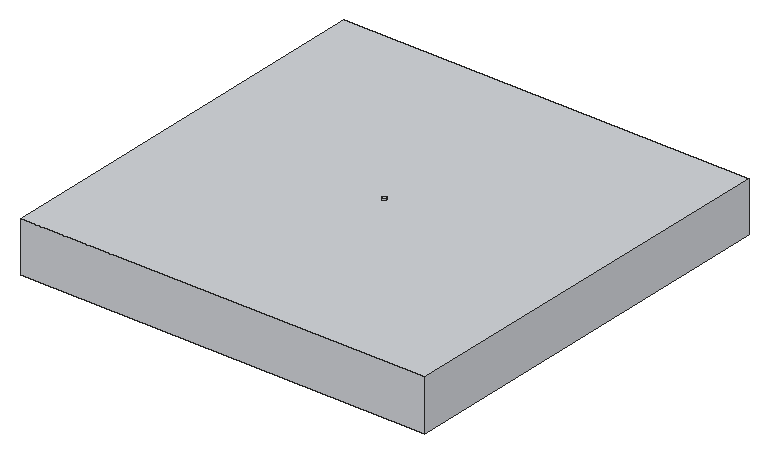
Revit family "M_Dispositivos de iluminação - Conector de alimentação equilibrada", category Dispositivos de iluminação, Revit 2019
Family settings
  Hospedeiro = Face
  Manter orientação da anotação = Não
  Cota do conector redondo = Utilizar diâmetro
  Tipo de parte = Normal
  Número OmniClass = 23.85.80.11.27
  Título OmniClass = Lighting Controls
  ID de item do Seek = Lighting Devices - Balanced Power Connector-0000-CAN-ENU
  Corte com vazios quando carregada = Não
  Compartilhado = Não
  Ponto de cálculo do ambiente = Não
Parameters (values of type "120 V")
  Espessura = 3.2 mm
  Raio = Diâmetro / 2  # 12.7 mm
  Classificação de carga = Outros
  Diâmetro = 25.4 mm
  Elevação-padrão = 1200 mm
  Voltagem do conector = 120 V
  Número de pólos do conector = 1
  Assembly Code = ""
Types (5, lengths in mm): name | Espessura | Voltagem do conector | Número de pólos do conector
  120 V | 3.2 | 120 V | 1
  277 V | 3.175 | 277 V | 1
  240 V | 3.175 | 240 V | 2
  208 V | 3.175 | 208 V | 3
  480 V | 3.2 | 480 V | 3
Reference planes
  plane 1 "Centro (Frente/Trás)": y = 0
  plane 2: z = 0
  plane 3 "Centro (Esquerda/Direita)": x = 0
  plane 4: z = 3.2
Forms (mm)
  Extrusion 1, solid
    sketch origin (0, 0, 0) x (1, 0, 0) y (0, 1, 0)
      loop
        line (-1219.2, 1219.2) -> (-1219.2, -1219.2) -> (1219.2, -1219.2) -> (1219.2, 1219.2) -> (-1219.2, 1219.2)
    from 0 to -304.8
  Extrusion 2, solid
    sketch origin (0, 0, 0) x (1, 0, 0) y (0, 1, 0)
      loop
        circle (0, 0) r 12.7
    from 3.2 to 0
Dimensions and locks
  "Espessura": plane 4 to plane 2
  "Raio": radius of Extrusion 2 sketch curve
  aligned and locked: plane 2 to Extrusion 1
  aligned and locked: level to Extrusion 1
  aligned and locked: Extrusion 2 to plane 2
  aligned and locked: plane 1 "Centro (Frente/Trás)" to Extrusion 2 sketch curve
  aligned and locked: plane 3 "Centro (Esquerda/Direita)" to Extrusion 2 sketch curve
  aligned and locked: plane 4 to Extrusion 2
Automatic sketch dimensions
  Extrusion 1 sketch curve to Extrusion 1 sketch curve = 2438.4 mm  (x2)
Connectors
  electrical at (0, 0, 3.2), driven by "Voltagem do conector", driven by "Número de pólos do conector", driven by "Classificação de carga"
    settings: on Extrusion 2, index 1, voltage 120 V, apparent load 0 VA, apparent load phase1 0 VA, apparent load phase2 0 VA, apparent load phase3 0 VA, power factor 1, load classification "Outros", number of poles 1, system type 30, power factor state 1, is connector primary yes, connector utility no, sub classification motor no, connector description ""
